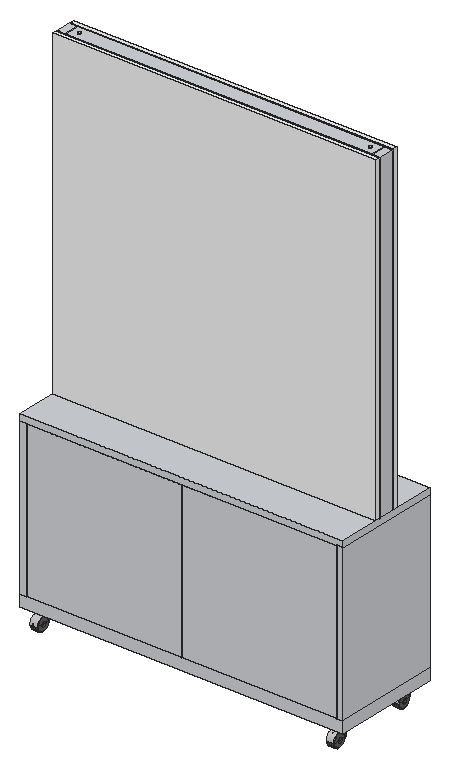
Revit family "ThinkingWall Combi Whiteboard", category Generic Models, Revit 2023
Family settings
  Can host rebar = No
  Round Connector Dimension = Use Diameter
  Part Type = Normal
  Work Plane-Based = No
  Always vertical = Yes
  Cut with Voids When Loaded = No
  Maintain Annotation Orientation = No
  Shared = No
  Room Calculation Point = No
Parameters (values of type "ThinkingWall® Combi Whiteboard 1200")
  URL = "https://www.logovisual.com/product/whiteboards/thinkingwall/acoustics/thinkingwall-mobile-acoustic-cupboard-combi/"
  ThinkingWall Combi Whiteboard 1500 = no
  ThinkingWall Combi Whiteboard 1200 = yes
  Steel Colour = none
  Model = "ThinkingWall® Combi Whiteboard"
  Manufacturer = "Logovisual LTD"
  Description = "Mobile freestanding storage unit with whiteboards above. Part of the ThinkingWall® range for flexible breakout and meeting spaces."
  Cupboard Colour = none
  Default Elevation = 0 mm
  Acoustic Colour = none
Types (3, lengths in mm): name | ThinkingWall Combi Whiteboard 1500 | ThinkingWall Combi Whiteboard 1200
  (no name) | no | yes
  ThinkingWall® Combi Whiteboard 1200 | no | yes
  ThinkingWall® Combi Whiteboard 1500 | yes | no
Reference planes
  plane 1 "Center (Front/Back)": y = 0
  plane 2: z = 0
  plane 3 "Center (Left/Right)": x = 0
Dimensions and locks
  aligned and locked: level to plane 2
  aligned and locked: plane 3 "Center (Left/Right)" to nested 1
  aligned and locked: plane 1 "Center (Front/Back)" to nested 1
  aligned and locked: plane 3 "Center (Left/Right)" to nested 2
  aligned and locked: plane 1 "Center (Front/Back)" to nested 2
Nested families
  nested 1: "ThinkingWall Combi Whiteboard 1500" at (0, 0, 0), visible <- "ThinkingWall Combi Whiteboard 1500", type "ThinkingWall Combi Whiteboard 1500"
  nested 2: "ThinkingWall Combi Whiteboard 1200" at (0, 0, 0), visible <- "ThinkingWall Combi Whiteboard 1200", type "ThinkingWall Combi Whiteboard 1200"
Definition of nested family "ThinkingWall Combi Whiteboard 1500"
  Parameters (values of type "ThinkingWall Combi Whiteboard 1500")
    Steel Colour = none
    Plinth Colour = none
    No of Panels = Length / 40 mm  # 38
    Length = 1500 mm  # constant formula
    Cupboard Colour = none
    Default Elevation = 0 mm
    Acoustic Colour = none
  Reference planes
    plane 1 "Center (Front/Back)": y = 0
    plane 2: z = 0
    plane 3 "Center (Left/Right)": x = 0
    plane 4: y = 200
    plane 5: x = 1500
    plane 6: y = -200
    plane 7: x = 750
    plane 8: z = 71.5
    plane 9 "a": z = 114.5
    plane 10: x = 30
    plane 11: x = 1470
    plane 12: z = 1914.5
    plane 13: y = 30
    plane 14: y = -30
    plane 15: x = 24
    plane 16: x = 1476
    plane 17: z = 690.5
    plane 18: z = 714.5
    plane 19: x = 745
    plane 20: x = 755
    plane 21: y = -182
    plane 22: y = 182
    plane 23: y = -31.5
    plane 24: y = 31.5
    plane 25: y = -49
    plane 26: y = 49
    plane 27: x = 500
    plane 28: x = 1000
  Forms (mm)
    Extrusion 1, solid, material <- "Plinth Colour"
      sketch origin (-511.407, -1524, 71.5) x (-1, 0, 0) y (0, -1, 0)
        loop
          line (-511.407, -1724) -> (-511.407, -1324) -> (-2011.407, -1324) -> (-2011.407, -1724) -> (-511.407, -1724)
      from 0 to 43
    Extrusion 2, solid, material <- "Steel Colour"
      sketch origin (-511.407, -1524, 114.5) x (-1, 0, 0) y (0, -1, 0)
        loop
          line (-511.407, -1554) -> (-511.407, -1494) -> (-541.407, -1494) -> (-541.407, -1554) -> (-511.407, -1554)
        loop
          line (-1981.407, -1554) -> (-1981.407, -1494) -> (-2011.407, -1494) -> (-2011.407, -1554) -> (-1981.407, -1554)
      from 600 to 1800
    Extrusion 3, solid, material <- "Cupboard Colour"
      sketch origin (-511.407, -1524, 114.5) x (-1, 0, 0) y (0, -1, 0)
        loop
          line (-511.407, -1724) -> (-511.407, -1324) -> (-535.407, -1324) -> (-535.407, -1724) -> (-511.407, -1724)
        loop
          line (-2011.407, -1724) -> (-1987.407, -1724) -> (-1987.407, -1324) -> (-2011.407, -1324) -> (-2011.407, -1724)
      from 0 to 576
    Extrusion 4, solid, material <- "Cupboard Colour"
      sketch origin (0, 0, 0) x (1, 0, 0) y (0, 0, 1)
        loop
          line (0, 714.5) -> (0, 690.5) -> (1500, 690.5) -> (1500, 714.5) -> (0, 714.5)
      from -200 to 200
    Extrusion 5, solid, material <- "Cupboard Colour"
      sketch origin (0, 0, 0) x (1, 0, 0) y (0, 0, 1)
        loop
          line (745, 690.5) -> (745, 114.5) -> (755, 114.5) -> (755, 690.5) -> (745, 690.5)
      from -182 to 182
    Sweep 6, solid, material <- "Cupboard Colour"
      path origin (0, 0, 0) x (1, 0, 0) y (0, 0, 1)
        loop
          line (24, 690.5) -> (24, 114.5) -> (1476, 114.5) -> (1476, 690.5) -> (24, 690.5)
      profile origin (24, 0, 402.5) x (0, -1, 0) y (1, 0, 0)
        loop
          line (-182, 0) -> (182, 0) -> (182, 12) -> (-182, 12) -> (-182, 0)
    Extrusion 7, solid, material <- "Cupboard Colour"
      sketch origin (-511.407, -1524, 114.5) x (-1, 0, 0) y (0, -1, 0)
        loop
          line (-535.407, -1342) -> (-535.407, -1324) -> (-1011.407, -1324) -> (-1011.407, -1342) -> (-535.407, -1342)
      from 0 to 576
    Extrusion 8, solid, material <- "Cupboard Colour"
      sketch origin (1711.407, -1524, 114.5) x (1, 0, 0) y (0, 1, 0)
        loop
          line (-235.407, 1342) -> (-711.407, 1342) -> (-711.407, 1324) -> (-235.407, 1324) -> (-235.407, 1342)
      from 0 to 576
    Extrusion 9, solid
      sketch origin (-537.43, -1524, 714.5) x (-1, 0, 0) y (0, -1, 0)
        loop
          line (-537.43, -1555.5) -> (-537.43, -1554) -> (-2037.43, -1554) -> (-2037.43, -1555.5) -> (-537.43, -1555.5)
        loop
          line (-537.43, -1494) -> (-537.43, -1492.5) -> (-2037.43, -1492.5) -> (-2037.43, -1494) -> (-537.43, -1494)
      from 0 to 1200
    Extrusion 10, solid, material <- "Steel Colour"
      sketch origin (-908.752, -1524, 1914.5) x (-1, 0, 0) y (0, -1, 0)
        loop
          line (-938.752, -1554) -> (-938.752, -1494) -> (-2378.752, -1494) -> (-2378.752, -1554) -> (-938.752, -1554)
      from -18 to 0
    Extrusion 11, solid
      sketch origin (-908.752, -1524, 1914.5) x (-1, 0, 0) y (0, -1, 0)
        loop
          circle (-968.752, -1524) r 5
        loop
          circle (-2348.752, -1524) r 5
      from 0 to 1
    Extrusion 12, solid
      sketch origin (-537.43, -1524, 714.5) x (-1, 0, 0) y (0, -1, 0)
        loop
          line (-537.43, -1573) -> (-537.43, -1555.5) -> (-2037.43, -1555.5) -> (-2037.43, -1573) -> (-537.43, -1573)
        loop
          line (-537.43, -1492.5) -> (-537.43, -1475) -> (-2037.43, -1475) -> (-2037.43, -1492.5) -> (-537.43, -1492.5)
      from 0 to 1200
    Extrusion 13, solid
      sketch origin (-511.407, -1524, 114.5) x (-1, 0, 0) y (0, -1, 0)
        loop
          line (-1011.407, -1342) -> (-1011.407, -1324) -> (-1511.407, -1324) -> (-1511.407, -1342) -> (-1011.407, -1342)
      from 0 to 576
  Dimensions and locks
    equal spacing: plane 4, plane 1 "Center (Front/Back)", plane 6
    plane 4 to plane 6 = 400 mm
    "Length": plane 3 "Center (Left/Right)" to plane 5
    locked: plane 3 "Center (Left/Right)" to nested 1 at 50
    locked: plane 4 to nested 1 at 50
    equal spacing: plane 3 "Center (Left/Right)", plane 7, plane 5
    locked: plane 4 to nested 2 at 50
    locked: nested 2 to plane 5 at 50
    locked: nested 4 to plane 5 at 50
    locked: plane 3 "Center (Left/Right)" to nested 3 at 50
    locked: plane 6 to nested 3 at 50
    locked: plane 6 to nested 4 at 50
    locked: plane 8 to level at 71.5
    plane 9 "a" to plane 8 = 43 mm
    locked: plane 3 "Center (Left/Right)" to plane 10 at 30
    locked: plane 11 to plane 5 at 30
    plane 12 to level = 1914.5 mm
    equal spacing: plane 13, plane 1 "Center (Front/Back)", plane 14
    locked: plane 13 to plane 14 at 60
    locked: plane 3 "Center (Left/Right)" to plane 15 at 24
    locked: plane 16 to plane 5 at 24
    locked: plane 17 to plane 9 "a" at 576
    locked: plane 18 to plane 17 at 24
    plane 4 to plane 22 = 18 mm
    locked: plane 6 to plane 21 at 18
    locked: plane 24 to plane 13 at 1.5
    locked: plane 23 to plane 14 at 1.5
    locked: plane 25 to plane 23 at 17.5
    locked: plane 26 to plane 24 at 17.5
    equal spacing: plane 19, plane 7, plane 20
    locked: plane 19 to plane 20 at 10
    equal spacing: group 2, group 38, group 37, group 36, group 35, group 34, group 33, group 32, group 31, group 30, group 29, group 28, group 27, group 26, group 25, group 24, group 23, group 22, group 21, group 20, group 19, group 18, group 17, group 16, group 15, group 14, group 13, group 12, group 11, group 10, group 9, group 8, group 7, group 6, group 5, group 4, group 3, group 1
    equal spacing: group 1, group 3, group 4, group 5, group 6, group 7, group 8, group 9, group 10, group 11, group 12, group 13, group 14, group 15, group 16, group 17, group 18, group 19, group 20, group 21, group 22, group 23, group 24, group 25, group 26, group 27, group 28, group 29, group 30, group 31, group 32, group 33, group 34, group 35, group 36, group 37, group 38, group 2  (x2)
    locked: plane 12 to plane 18 at 1200
    equal spacing: plane 3 "Center (Left/Right)", plane 27, plane 28, plane 5
    aligned and locked: level to plane 2
    aligned and locked: Extrusion 1 sketch curve to plane 4
    aligned and locked: plane 3 "Center (Left/Right)" to Extrusion 1 sketch curve
    aligned and locked: Extrusion 1 sketch curve to plane 6
    aligned and locked: Extrusion 1 sketch curve to plane 5
    aligned and locked: Extrusion 1 to plane 8
    aligned and locked: Extrusion 1 to plane 9 "a"
    aligned and locked: Extrusion 2 sketch curve to plane 13
    aligned and locked: plane 3 "Center (Left/Right)" to Extrusion 2 sketch curve
    aligned and locked: Extrusion 2 sketch curve to plane 14  (x2)
    aligned and locked: Extrusion 2 sketch curve to plane 10
    aligned and locked: plane 13 to Extrusion 2 sketch curve
    aligned and locked: Extrusion 2 sketch curve to plane 11
    aligned and locked: Extrusion 2 sketch curve to plane 5
    aligned and locked: plane 12 to Extrusion 2
    aligned and locked: Extrusion 3 sketch curve to Extrusion 1  (x2)
    aligned and locked: Extrusion 3 sketch curve to Extrusion 2  (x2)
    aligned and locked: Extrusion 3 sketch curve to plane 6
    aligned and locked: Extrusion 3 sketch curve to plane 15
    aligned and locked: plane 6 to Extrusion 3 sketch curve
    aligned and locked: plane 16 to Extrusion 3 sketch curve
    aligned and locked: plane 17 to Extrusion 3
    aligned and locked: Extrusion 3 to plane 9 "a"
    aligned and locked: Extrusion 4 sketch curve to plane 18
    aligned and locked: plane 3 "Center (Left/Right)" to Extrusion 4 sketch curve
    aligned and locked: Extrusion 4 sketch curve to Extrusion 3
    aligned and locked: plane 6 to Extrusion 4
    aligned and locked: plane 4 to Extrusion 4
    aligned and locked: Extrusion 5 sketch curve to plane 17
    aligned and locked: plane 19 to Extrusion 5 sketch curve
    aligned and locked: plane 9 "a" to Extrusion 5 sketch curve
    aligned and locked: plane 20 to Extrusion 5 sketch curve
    aligned and locked: Sweep 6 sketch curve to plane 17
    aligned and locked: Sweep 6 sketch curve to plane 9 "a"
    aligned and locked: Sweep 6 sketch curve to plane 15
    aligned and locked: plane 16 to Sweep 6 sketch curve
    aligned and locked: Sweep 6 sketch curve to plane 22
    aligned and locked: Sweep 6 sketch curve to plane 21
    aligned and locked: plane 22 to Extrusion 5
    aligned and locked: plane 21 to Extrusion 5
    aligned and locked: plane 21 to Extrusion 7 sketch curve
    aligned and locked: plane 15 to Extrusion 7 sketch curve
    aligned and locked: Extrusion 7 sketch curve to Extrusion 1
    aligned and locked: Extrusion 8 sketch curve to plane 21
    aligned and locked: plane 6 to Extrusion 8 sketch curve
    aligned and locked: Extrusion 8 sketch curve to plane 16
    aligned and locked: Extrusion 8 to plane 9 "a"
    aligned and locked: plane 17 to Extrusion 8
    aligned and locked: plane 3 "Center (Left/Right)" to Extrusion 9 sketch curve
    aligned and locked: Extrusion 9 sketch curve to Extrusion 2  (x2)
    aligned and locked: Extrusion 9 sketch curve to Extrusion 3
    aligned and locked: Extrusion 9 sketch curve to plane 5
    aligned and locked: Extrusion 9 sketch curve to plane 23
    aligned and locked: Extrusion 9 sketch curve to plane 24
    aligned and locked: Extrusion 9 to plane 18
    aligned and locked: plane 12 to Extrusion 9
    aligned and locked: Extrusion 10 sketch curve to Extrusion 2  (x4)
    aligned and locked: plane 12 to Extrusion 10
    aligned and locked: Extrusion 11 to plane 12
    aligned and locked: Extrusion 12 sketch curve to plane 26
    aligned and locked: plane 3 "Center (Left/Right)" to Extrusion 12 sketch curve
    aligned and locked: Extrusion 12 sketch curve to Extrusion 9  (x3)
    aligned and locked: Extrusion 12 sketch curve to Extrusion 3
    aligned and locked: Extrusion 12 sketch curve to plane 25
    aligned and locked: Extrusion 12 sketch curve to plane 5
    aligned and locked: plane 12 to Extrusion 12
    aligned and locked: plane 22 to nested 5
    aligned and locked: plane 16 to nested 5
    aligned and locked: plane 9 "a" to nested 5
    aligned and locked: plane 15 to nested 6
    aligned and locked: plane 22 to nested 6
    aligned and locked: Extrusion 2 to plane 18
    aligned and locked: Extrusion 8 sketch curve to plane 28
    aligned and locked: Extrusion 7 sketch curve to plane 27
    aligned and locked: Extrusion 13 sketch curve to Extrusion 7  (x2)
    aligned and locked: Extrusion 13 sketch curve to Extrusion 8  (x2)
    aligned and locked: plane 17 to Extrusion 13
    aligned and locked: Extrusion 13 to plane 9 "a"
  Automatic sketch dimensions
    Sweep 6 sketch curve to profile plane = 0 mm
    Sweep 6 sketch curve to profile plane = 12 mm
    Extrusion 11 sketch curve to Extrusion 10 = 30 mm  (x4)
    Extrusion 4 sketch curve to plane 5 = 0 mm
    Extrusion 9 sketch curve to plane 5 = 0 mm
    radius of Extrusion 11 sketch curve = 5 mm  (x2)
  Nested families
    nested 1: "50mm_Caster_Wheel 2" at (50, 150, 0) x (0, 1, 0) z (0, 0, 1), type "50mm_Caster_Wheel 2"
    nested 2: "50mm_Caster_Wheel 2" at (1450, 150, 0) x (0, 1, 0) z (0, 0, 1), type "50mm_Caster_Wheel 2"
    nested 3: "50mm_Caster_Wheel 2" at (50, -150, 0) x (0, 1, 0) z (0, 0, 1), type "50mm_Caster_Wheel 2"
    nested 4: "50mm_Caster_Wheel 2" at (1450, -150, 0) x (0, 1, 0) z (0, 0, 1), type "50mm_Caster_Wheel 2"
    nested 5: "Panel" at (1476, 182, 114.5) x (-1, 0, 0) z (0, 0, 1), type "Panel"
      with Height 576 mm
    nested 6: "Panel" at (64, 182, 114.5) x (-1, 0, 0) z (0, 0, 1), type "Panel"
      with Height 576 mm
    nested 7: "Panel" at (1437.838, 182, 114.5) x (-1, 0, 0) z (0, 0, 1), type "Panel"
      with Height 576 mm
    nested 8: "Panel" at (1399.676, 182, 114.5) x (-1, 0, 0) z (0, 0, 1), type "Panel"
      with Height 576 mm
    nested 9: "Panel" at (1361.514, 182, 114.5) x (-1, 0, 0) z (0, 0, 1), type "Panel"
      with Height 576 mm
    nested 10: "Panel" at (1323.351, 182, 114.5) x (-1, 0, 0) z (0, 0, 1), type "Panel"
      with Height 576 mm
    nested 11: "Panel" at (1285.189, 182, 114.5) x (-1, 0, 0) z (0, 0, 1), type "Panel"
      with Height 576 mm
    nested 12: "Panel" at (1247.027, 182, 114.5) x (-1, 0, 0) z (0, 0, 1), type "Panel"
      with Height 576 mm
    nested 13: "Panel" at (1208.865, 182, 114.5) x (-1, 0, 0) z (0, 0, 1), type "Panel"
      with Height 576 mm
    nested 14: "Panel" at (1170.703, 182, 114.5) x (-1, 0, 0) z (0, 0, 1), type "Panel"
      with Height 576 mm
    nested 15: "Panel" at (1132.541, 182, 114.5) x (-1, 0, 0) z (0, 0, 1), type "Panel"
      with Height 576 mm
    nested 16: "Panel" at (1094.378, 182, 114.5) x (-1, 0, 0) z (0, 0, 1), type "Panel"
      with Height 576 mm
    nested 17: "Panel" at (1056.216, 182, 114.5) x (-1, 0, 0) z (0, 0, 1), type "Panel"
      with Height 576 mm
    nested 18: "Panel" at (1018.054, 182, 114.5) x (-1, 0, 0) z (0, 0, 1), type "Panel"
      with Height 576 mm
    nested 19: "Panel" at (979.892, 182, 114.5) x (-1, 0, 0) z (0, 0, 1), type "Panel"
      with Height 576 mm
    nested 20: "Panel" at (941.73, 182, 114.5) x (-1, 0, 0) z (0, 0, 1), type "Panel"
      with Height 576 mm
    nested 21: "Panel" at (903.568, 182, 114.5) x (-1, 0, 0) z (0, 0, 1), type "Panel"
      with Height 576 mm
    nested 22: "Panel" at (865.405, 182, 114.5) x (-1, 0, 0) z (0, 0, 1), type "Panel"
      with Height 576 mm
    nested 23: "Panel" at (827.243, 182, 114.5) x (-1, 0, 0) z (0, 0, 1), type "Panel"
      with Height 576 mm
    nested 24: "Panel" at (789.081, 182, 114.5) x (-1, 0, 0) z (0, 0, 1), type "Panel"
      with Height 576 mm
    nested 25: "Panel" at (750.919, 182, 114.5) x (-1, 0, 0) z (0, 0, 1), type "Panel"
      with Height 576 mm
    nested 26: "Panel" at (712.757, 182, 114.5) x (-1, 0, 0) z (0, 0, 1), type "Panel"
      with Height 576 mm
    nested 27: "Panel" at (674.595, 182, 114.5) x (-1, 0, 0) z (0, 0, 1), type "Panel"
      with Height 576 mm
    nested 28: "Panel" at (636.432, 182, 114.5) x (-1, 0, 0) z (0, 0, 1), type "Panel"
      with Height 576 mm
    nested 29: "Panel" at (598.27, 182, 114.5) x (-1, 0, 0) z (0, 0, 1), type "Panel"
      with Height 576 mm
    nested 30: "Panel" at (560.108, 182, 114.5) x (-1, 0, 0) z (0, 0, 1), type "Panel"
      with Height 576 mm
    nested 31: "Panel" at (521.946, 182, 114.5) x (-1, 0, 0) z (0, 0, 1), type "Panel"
      with Height 576 mm
    nested 32: "Panel" at (483.784, 182, 114.5) x (-1, 0, 0) z (0, 0, 1), type "Panel"
      with Height 576 mm
    nested 33: "Panel" at (445.622, 182, 114.5) x (-1, 0, 0) z (0, 0, 1), type "Panel"
      with Height 576 mm
    nested 34: "Panel" at (407.459, 182, 114.5) x (-1, 0, 0) z (0, 0, 1), type "Panel"
      with Height 576 mm
    nested 35: "Panel" at (369.297, 182, 114.5) x (-1, 0, 0) z (0, 0, 1), type "Panel"
      with Height 576 mm
    nested 36: "Panel" at (331.135, 182, 114.5) x (-1, 0, 0) z (0, 0, 1), type "Panel"
      with Height 576 mm
    nested 37: "Panel" at (292.973, 182, 114.5) x (-1, 0, 0) z (0, 0, 1), type "Panel"
      with Height 576 mm
    nested 38: "Panel" at (254.811, 182, 114.5) x (-1, 0, 0) z (0, 0, 1), type "Panel"
      with Height 576 mm
    nested 39: "Panel" at (216.649, 182, 114.5) x (-1, 0, 0) z (0, 0, 1), type "Panel"
      with Height 576 mm
    nested 40: "Panel" at (178.486, 182, 114.5) x (-1, 0, 0) z (0, 0, 1), type "Panel"
      with Height 576 mm
    nested 41: "Panel" at (140.324, 182, 114.5) x (-1, 0, 0) z (0, 0, 1), type "Panel"
      with Height 576 mm
    nested 42: "Panel" at (102.162, 182, 114.5) x (-1, 0, 0) z (0, 0, 1), type "Panel"
      with Height 576 mm
  Definition of nested family "50mm_Caster_Wheel 2"
    Parameters (values of type "50mm_Caster_Wheel 2")
      Default Elevation = 0 mm
    Reference planes
      plane 1 "Center (Front/Back)": y = 0
      plane 2: z = 0
      plane 3 "Center (Left/Right)": x = 0
      plane 4 "VWhlCntr": x = -22
      plane 5 "WhlCntr": z = 25
      plane 6: z = 56.73
      plane 7: z = 55.23
    Forms (mm)
      Revolve 1, solid
        sketch origin (0, 0, 25) x (-1, 0, 0) y (0, -1, 0)
          loop
            line (45.5, 13.5) -> (29.872, 13.5) -> (30.032, 14.411)
            arc (30.032, 14.411) -> (29.873, 15.004) -> (29.317, 15.263) r 0.727
            line (29.317, 15.263) -> (22, 15.263) -> (22, 4.169) -> (47, 4.169) -> (47, 12)
            arc (47, 12) -> (46.561, 13.061) -> (45.5, 13.5) r 1.5
          loop
            arc (45.5, -13.5) -> (46.561, -13.061) -> (47, -12) r 1.5
            line (47, -12) -> (47, -4.169) -> (22, -4.169) -> (22, -15.263) -> (29.317, -15.263)
            arc (29.317, -15.263) -> (29.873, -15.004) -> (30.032, -14.411) r 0.727
            line (30.032, -14.411) -> (29.872, -13.5) -> (45.5, -13.5)
          axis (22, 15.263) -> (22, -15.263)
        angle from 0 to 360
      Revolve 2, solid
        sketch origin (0, 0, 25) x (-1, 0, 0) y (0, -1, 0)
          loop
            line (22, 3.174) -> (33.047, 3.174)
            arc (33.047, 3.174) -> (32.755, 3.878) -> (32.052, 4.169) r 0.995
            line (32.052, 4.169) -> (22, 4.169) -> (22, 3.174)
          loop
            line (22, -3.174) -> (22, -4.169) -> (32.052, -4.169)
            arc (32.052, -4.169) -> (32.755, -3.878) -> (33.047, -3.174) r 0.995
            line (33.047, -3.174) -> (22, -3.174)
          axis (22, 4.169) -> (22, -4.169)
        angle from 0 to 360
      Revolve 3, solid
        sketch origin (0, 0, 0) x (1, 0, 0) y (0, 0, 1)
          loop
            line (0, 60) -> (21.525, 60) -> (21.525, 62.198)
            arc (21.525, 62.198) -> (20.577, 63.345) -> (19.43, 64.292) r 7.866
            arc (19.43, 64.292) -> (16.996, 68.264) -> (12.416, 67.416) r 4.113
            line (12.416, 67.416) -> (10, 65) -> (10, 70) -> (0, 70) -> (0, 60)
          axis (0, 60) -> (0, 70)
        angle from 0 to 360
      Extrusion 4, solid
        sketch origin (0, 0, 0) x (1, 0, 0) y (0, 0, 1)
          loop
            circle (-22, 25) r 2.964
        from -12.5 to 12.5
      Extrusion 5, solid
        sketch origin (0, 0, 70) x (1, 0, 0) y (0, 1, 0)
          loop
            line (-25, 25) -> (-25, -25) -> (25, -25) -> (25, 25) -> (-25, 25)
        from 0 to 1.5
      Extrusion 6, solid
        sketch origin (0, 0, 0) x (1, 0, 0) y (0, 0, 1)
          loop
            line (-49.398, 25.312) -> (-47.348, 25.312)
            arc (-47.348, 25.312) -> (-22.059, 50.601) -> (3.229, 25.313) r 25.288
            line (3.229, 25.313) -> (5.279, 25.313)
            arc (5.279, 25.313) -> (-22.059, 52.651) -> (-49.398, 25.312) r 27.339
        from -13.5 to 13.5
      Extrusion 7, solid
        sketch origin (0, 0, 0) x (1, 0, 0) y (0, 0, 1)
          loop
            arc (-22.059, 52.651) -> (-2.728, 44.644) -> (5.279, 25.312) r 27.339
            line (5.279, 25.312) -> (5.279, 60) -> (-22.059, 60) -> (-22.059, 52.651)
        from -13.5 to 13.5
    Dimensions and locks
      plane 3 "Center (Left/Right)" to plane 4 "VWhlCntr" = 22 mm
      Revolve 3 to level = 70 mm
      Revolve 3 to plane 2 = 70 mm
      diameter of Revolve 1 = 50 mm
      aligned and locked: level to plane 2
  Definition of nested family "Panel"
    Parameters (values of type "Panel")
      Height = 1190.083 mm
      Default Elevation = 0 mm
      Acoustic = none
    Reference planes
      plane 1 "Center (Front/Back)": y = 0
      plane 2: z = 0
      plane 3 "Center (Left/Right)": x = 0
      plane 4: z = 1190.083
      plane 5: x = 40
      plane 6: y = -12
      plane 7: z = 0
      plane 8: x = 8
      plane 9: x = 32
    Forms (mm)
      Extrusion 1, solid, material <- "Acoustic"
        sketch origin (0, 0, 0) x (1, 0, 0) y (0, 1, 0)
          loop
            line (0, 0) -> (8, -12) -> (32, -12) -> (40, 0) -> (0, 0)
        from 0 to 1190.083
    Dimensions and locks
      plane 3 "Center (Left/Right)" to plane 5 = 40 mm
      plane 6 to plane 1 "Center (Front/Back)" = 12 mm  (x2)
      "Height": plane 4 to plane 2
      plane 7 to level = 0 mm
      plane 5 to plane 3 "Center (Left/Right)" = 40 mm
      plane 3 "Center (Left/Right)" to plane 8 = 8 mm
      plane 9 to plane 5 = 8 mm
      aligned and locked: level to plane 2
      aligned and locked: plane 1 "Center (Front/Back)" to Extrusion 1 sketch curve
      aligned and locked: plane 6 to Extrusion 1 sketch curve
      aligned and locked: Extrusion 1 to plane 7
      aligned and locked: plane 4 to Extrusion 1
    Automatic sketch dimensions
      Extrusion 1 sketch curve to plane 3 "Center (Left/Right)" = 0 mm
      Extrusion 1 sketch curve to plane 8 = 0 mm
      Extrusion 1 sketch curve to plane 9 = 0 mm
      Extrusion 1 sketch curve to plane 5 = 0 mm
Definition of nested family "ThinkingWall Combi Whiteboard 1200"
  Parameters (values of type "ThinkingWall Combi Whiteboard 1200")
    Steel Colour = none
    Plinth Colour = none
    No of Panels = Length / 40 mm  # 30
    Length = 1200 mm  # constant formula
    Cupboard Colour = none
    Default Elevation = 0 mm
    Acoustic Colour = none
  Reference planes
    plane 1 "Center (Front/Back)": y = 0
    plane 2: z = 0
    plane 3 "Center (Left/Right)": x = 0
    plane 4: y = 200
    plane 5: x = 1200
    plane 6: y = -200
    plane 7: x = 600
    plane 8: z = 71.5
    plane 9 "a": z = 114.5
    plane 10: x = 30
    plane 11: x = 1170
    plane 12: z = 1914.5
    plane 13: y = 30
    plane 14: y = -30
    plane 15: x = 24
    plane 16: x = 1176
    plane 17: z = 690.5
    plane 18: z = 714.5
    plane 19: x = 595
    plane 20: x = 605
    plane 21: y = -182
    plane 22: y = 182
    plane 23: y = -31.5
    plane 24: y = 31.5
    plane 25: y = -49
    plane 26: y = 49
  Forms (mm)
    Extrusion 1, solid, material <- "Plinth Colour"
      sketch origin (-511.407, -1524, 71.5) x (-1, 0, 0) y (0, -1, 0)
        loop
          line (-511.407, -1724) -> (-511.407, -1324) -> (-1711.407, -1324) -> (-1711.407, -1724) -> (-511.407, -1724)
      from 0 to 43
    Extrusion 2, solid, material <- "Steel Colour"
      sketch origin (-511.407, -1524, 114.5) x (-1, 0, 0) y (0, -1, 0)
        loop
          line (-511.407, -1554) -> (-511.407, -1494) -> (-541.407, -1494) -> (-541.407, -1554) -> (-511.407, -1554)
        loop
          line (-1681.407, -1554) -> (-1681.407, -1494) -> (-1711.407, -1494) -> (-1711.407, -1554) -> (-1681.407, -1554)
      from 600 to 1800
    Extrusion 3, solid, material <- "Cupboard Colour"
      sketch origin (-511.407, -1524, 114.5) x (-1, 0, 0) y (0, -1, 0)
        loop
          line (-511.407, -1724) -> (-511.407, -1324) -> (-535.407, -1324) -> (-535.407, -1724) -> (-511.407, -1724)
        loop
          line (-1711.407, -1724) -> (-1687.407, -1724) -> (-1687.407, -1324) -> (-1711.407, -1324) -> (-1711.407, -1724)
      from 0 to 576
    Extrusion 4, solid, material <- "Cupboard Colour"
      sketch origin (0, 0, 0) x (1, 0, 0) y (0, 0, 1)
        loop
          line (0, 714.5) -> (0, 690.5) -> (1200, 690.5) -> (1200, 714.5) -> (0, 714.5)
      from -200 to 200
    Extrusion 5, solid, material <- "Cupboard Colour"
      sketch origin (0, 0, 0) x (1, 0, 0) y (0, 0, 1)
        loop
          line (595, 690.5) -> (595, 114.5) -> (605, 114.5) -> (605, 690.5) -> (595, 690.5)
      from -182 to 182
    Sweep 6, solid, material <- "Cupboard Colour"
      path origin (0, 0, 0) x (1, 0, 0) y (0, 0, 1)
        loop
          line (24, 690.5) -> (24, 114.5) -> (1176, 114.5) -> (1176, 690.5) -> (24, 690.5)
      profile origin (24, 0, 402.5) x (0, -1, 0) y (1, 0, 0)
        loop
          line (-182, 0) -> (182, 0) -> (182, 12) -> (-182, 12) -> (-182, 0)
    Extrusion 7, solid, material <- "Cupboard Colour"
      sketch origin (-511.407, -1524, 114.5) x (-1, 0, 0) y (0, -1, 0)
        loop
          line (-535.407, -1342) -> (-535.407, -1324) -> (-1111.407, -1324) -> (-1111.407, -1342) -> (-535.407, -1342)
      from 0 to 576
    Extrusion 8, solid, material <- "Cupboard Colour"
      sketch origin (1711.407, -1524, 114.5) x (1, 0, 0) y (0, 1, 0)
        loop
          line (-535.407, 1342) -> (-1111.407, 1342) -> (-1111.407, 1324) -> (-535.407, 1324) -> (-535.407, 1342)
      from 0 to 576
    Extrusion 9, solid
      sketch origin (-537.43, -1524, 714.5) x (-1, 0, 0) y (0, -1, 0)
        loop
          line (-537.43, -1555.5) -> (-537.43, -1554) -> (-1737.43, -1554) -> (-1737.43, -1555.5) -> (-537.43, -1555.5)
        loop
          line (-537.43, -1494) -> (-537.43, -1492.5) -> (-1737.43, -1492.5) -> (-1737.43, -1494) -> (-537.43, -1494)
      from 0 to 1200
    Extrusion 10, solid, material <- "Steel Colour"
      sketch origin (-908.752, -1524, 1914.5) x (-1, 0, 0) y (0, -1, 0)
        loop
          line (-938.752, -1554) -> (-938.752, -1494) -> (-2078.752, -1494) -> (-2078.752, -1554) -> (-938.752, -1554)
      from -18 to 0
    Extrusion 11, solid
      sketch origin (-908.752, -1524, 1914.5) x (-1, 0, 0) y (0, -1, 0)
        loop
          circle (-968.752, -1524) r 5
        loop
          circle (-2048.752, -1524) r 5
      from 0 to 1
    Extrusion 12, solid
      sketch origin (-537.43, -1524, 714.5) x (-1, 0, 0) y (0, -1, 0)
        loop
          line (-537.43, -1573) -> (-537.43, -1555.5) -> (-1737.43, -1555.5) -> (-1737.43, -1573) -> (-537.43, -1573)
        loop
          line (-537.43, -1492.5) -> (-537.43, -1475) -> (-1737.43, -1475) -> (-1737.43, -1492.5) -> (-537.43, -1492.5)
      from 0 to 1200
  Dimensions and locks
    equal spacing: plane 4, plane 1 "Center (Front/Back)", plane 6
    plane 4 to plane 6 = 400 mm
    "Length": plane 3 "Center (Left/Right)" to plane 5
    locked: plane 3 "Center (Left/Right)" to nested 1 at 50
    locked: plane 4 to nested 1 at 50
    equal spacing: plane 3 "Center (Left/Right)", plane 7, plane 5
    locked: plane 4 to nested 2 at 50
    locked: nested 2 to plane 5 at 50
    locked: nested 4 to plane 5 at 50
    locked: plane 3 "Center (Left/Right)" to nested 3 at 50
    locked: plane 6 to nested 3 at 50
    locked: plane 6 to nested 4 at 50
    locked: plane 8 to level at 71.5
    plane 9 "a" to plane 8 = 43 mm
    locked: plane 3 "Center (Left/Right)" to plane 10 at 30
    locked: plane 11 to plane 5 at 30
    plane 12 to level = 1914.5 mm
    equal spacing: plane 13, plane 1 "Center (Front/Back)", plane 14
    locked: plane 13 to plane 14 at 60
    locked: plane 3 "Center (Left/Right)" to plane 15 at 24
    locked: plane 16 to plane 5 at 24
    locked: plane 17 to plane 9 "a" at 576
    locked: plane 18 to plane 17 at 24
    plane 4 to plane 22 = 18 mm
    locked: plane 6 to plane 21 at 18
    locked: plane 24 to plane 13 at 1.5
    locked: plane 23 to plane 14 at 1.5
    locked: plane 25 to plane 23 at 17.5
    locked: plane 26 to plane 24 at 17.5
    equal spacing: plane 19, plane 7, plane 20
    locked: plane 19 to plane 20 at 10
    equal spacing: group 2, group 30, group 29, group 28, group 27, group 26, group 25, group 24, group 23, group 22, group 21, group 20, group 19, group 18, group 17, group 16, group 15, group 14, group 13, group 12, group 11, group 10, group 9, group 8, group 7, group 6, group 5, group 4, group 3, group 1
    equal spacing: group 1, group 3, group 4, group 5, group 6, group 7, group 8, group 9, group 10, group 11, group 12, group 13, group 14, group 15, group 16, group 17, group 18, group 19, group 20, group 21, group 22, group 23, group 24, group 25, group 26, group 27, group 28, group 29, group 30, group 2  (x2)
    locked: plane 12 to plane 18 at 1200
    aligned and locked: level to plane 2
    aligned and locked: Extrusion 1 sketch curve to plane 4
    aligned and locked: plane 3 "Center (Left/Right)" to Extrusion 1 sketch curve
    aligned and locked: Extrusion 1 sketch curve to plane 6
    aligned and locked: Extrusion 1 sketch curve to plane 5
    aligned and locked: Extrusion 1 to plane 8
    aligned and locked: Extrusion 1 to plane 9 "a"
    aligned and locked: Extrusion 2 sketch curve to plane 13  (x2)
    aligned and locked: plane 3 "Center (Left/Right)" to Extrusion 2 sketch curve
    aligned and locked: Extrusion 2 sketch curve to plane 14  (x2)
    aligned and locked: Extrusion 2 sketch curve to plane 10
    aligned and locked: Extrusion 2 sketch curve to plane 11
    aligned and locked: Extrusion 2 sketch curve to plane 5
    aligned and locked: plane 12 to Extrusion 2
    aligned and locked: Extrusion 3 sketch curve to Extrusion 1  (x2)
    aligned and locked: Extrusion 3 sketch curve to Extrusion 2  (x2)
    aligned and locked: Extrusion 3 sketch curve to plane 6
    aligned and locked: Extrusion 3 sketch curve to plane 15
    aligned and locked: plane 6 to Extrusion 3 sketch curve
    aligned and locked: plane 16 to Extrusion 3 sketch curve
    aligned and locked: plane 17 to Extrusion 3
    aligned and locked: Extrusion 3 to plane 9 "a"
    aligned and locked: Extrusion 4 sketch curve to plane 18
    aligned and locked: plane 3 "Center (Left/Right)" to Extrusion 4 sketch curve
    aligned and locked: Extrusion 4 sketch curve to Extrusion 3
    aligned and locked: plane 6 to Extrusion 4
    aligned and locked: plane 4 to Extrusion 4
    aligned and locked: Extrusion 5 sketch curve to plane 17
    aligned and locked: plane 19 to Extrusion 5 sketch curve
    aligned and locked: plane 9 "a" to Extrusion 5 sketch curve
    aligned and locked: plane 20 to Extrusion 5 sketch curve
    aligned and locked: Sweep 6 sketch curve to plane 17
    aligned and locked: Sweep 6 sketch curve to plane 9 "a"
    aligned and locked: Sweep 6 sketch curve to plane 15
    aligned and locked: plane 16 to Sweep 6 sketch curve
    aligned and locked: Sweep 6 sketch curve to plane 22
    aligned and locked: Sweep 6 sketch curve to plane 21
    aligned and locked: plane 22 to Extrusion 5
    aligned and locked: plane 21 to Extrusion 5
    aligned and locked: plane 21 to Extrusion 7 sketch curve
    aligned and locked: plane 15 to Extrusion 7 sketch curve
    aligned and locked: Extrusion 7 sketch curve to Extrusion 1
    aligned and locked: Extrusion 7 sketch curve to plane 7
    aligned and locked: plane 17 to Extrusion 7
    aligned and locked: Extrusion 7 to plane 9 "a"
    aligned and locked: Extrusion 8 sketch curve to plane 21
    aligned and locked: Extrusion 8 sketch curve to plane 7
    aligned and locked: plane 6 to Extrusion 8 sketch curve
    aligned and locked: Extrusion 8 sketch curve to plane 16
    aligned and locked: Extrusion 8 to plane 9 "a"
    aligned and locked: plane 17 to Extrusion 8
    aligned and locked: plane 3 "Center (Left/Right)" to Extrusion 9 sketch curve
    aligned and locked: Extrusion 9 sketch curve to Extrusion 2  (x2)
    aligned and locked: Extrusion 9 sketch curve to Extrusion 3
    aligned and locked: Extrusion 9 sketch curve to plane 5
    aligned and locked: Extrusion 9 sketch curve to plane 23
    aligned and locked: Extrusion 9 sketch curve to plane 24
    aligned and locked: Extrusion 9 to plane 18
    aligned and locked: plane 12 to Extrusion 9
    aligned and locked: Extrusion 10 sketch curve to Extrusion 2  (x4)
    aligned and locked: plane 12 to Extrusion 10
    aligned and locked: Extrusion 11 to plane 12
    aligned and locked: Extrusion 12 sketch curve to plane 26
    aligned and locked: plane 3 "Center (Left/Right)" to Extrusion 12 sketch curve
    aligned and locked: Extrusion 12 sketch curve to Extrusion 9  (x3)
    aligned and locked: Extrusion 12 sketch curve to Extrusion 3
    aligned and locked: Extrusion 12 sketch curve to plane 25
    aligned and locked: Extrusion 12 sketch curve to plane 5
    aligned and locked: plane 12 to Extrusion 12
    aligned and locked: plane 22 to nested 5
    aligned and locked: plane 16 to nested 5
    aligned and locked: plane 9 "a" to nested 5
    aligned and locked: plane 15 to nested 6
    aligned and locked: plane 22 to nested 6
    aligned and locked: Extrusion 2 to plane 18
  Automatic sketch dimensions
    Sweep 6 sketch curve to profile plane = 0 mm
    Sweep 6 sketch curve to profile plane = 12 mm
    Extrusion 11 sketch curve to Extrusion 10 = 30 mm  (x4)
    Extrusion 4 sketch curve to plane 5 = 0 mm
    Extrusion 9 sketch curve to plane 5 = 0 mm
    radius of Extrusion 11 sketch curve = 5 mm  (x2)
  Nested families
    nested 1: "50mm_Caster_Wheel 2" at (50, 150, 0) x (0, 1, 0) z (0, 0, 1), type "50mm_Caster_Wheel 2"
    nested 2: "50mm_Caster_Wheel 2" at (1150, 150, 0) x (0, 1, 0) z (0, 0, 1), type "50mm_Caster_Wheel 2"
    nested 3: "50mm_Caster_Wheel 2" at (50, -150, 0) x (0, 1, 0) z (0, 0, 1), type "50mm_Caster_Wheel 2"
    nested 4: "50mm_Caster_Wheel 2" at (1150, -150, 0) x (0, 1, 0) z (0, 0, 1), type "50mm_Caster_Wheel 2"
    nested 5: "Panel" at (1176, 182, 114.5) x (-1, 0, 0) z (0, 0, 1), type "Panel"
      with Height 576 mm
    nested 6: "Panel" at (64, 182, 114.5) x (-1, 0, 0) z (0, 0, 1), type "Panel"
      with Height 576 mm
    nested 7: "Panel" at (1137.655, 182, 114.5) x (-1, 0, 0) z (0, 0, 1), type "Panel"
      with Height 576 mm
    nested 8: "Panel" at (1099.31, 182, 114.5) x (-1, 0, 0) z (0, 0, 1), type "Panel"
      with Height 576 mm
    nested 9: "Panel" at (1060.966, 182, 114.5) x (-1, 0, 0) z (0, 0, 1), type "Panel"
      with Height 576 mm
    nested 10: "Panel" at (1022.621, 182, 114.5) x (-1, 0, 0) z (0, 0, 1), type "Panel"
      with Height 576 mm
    nested 11: "Panel" at (984.276, 182, 114.5) x (-1, 0, 0) z (0, 0, 1), type "Panel"
      with Height 576 mm
    nested 12: "Panel" at (945.931, 182, 114.5) x (-1, 0, 0) z (0, 0, 1), type "Panel"
      with Height 576 mm
    nested 13: "Panel" at (907.586, 182, 114.5) x (-1, 0, 0) z (0, 0, 1), type "Panel"
      with Height 576 mm
    nested 14: "Panel" at (869.241, 182, 114.5) x (-1, 0, 0) z (0, 0, 1), type "Panel"
      with Height 576 mm
    nested 15: "Panel" at (830.897, 182, 114.5) x (-1, 0, 0) z (0, 0, 1), type "Panel"
      with Height 576 mm
    nested 16: "Panel" at (792.552, 182, 114.5) x (-1, 0, 0) z (0, 0, 1), type "Panel"
      with Height 576 mm
    nested 17: "Panel" at (754.207, 182, 114.5) x (-1, 0, 0) z (0, 0, 1), type "Panel"
      with Height 576 mm
    nested 18: "Panel" at (715.862, 182, 114.5) x (-1, 0, 0) z (0, 0, 1), type "Panel"
      with Height 576 mm
    nested 19: "Panel" at (677.517, 182, 114.5) x (-1, 0, 0) z (0, 0, 1), type "Panel"
      with Height 576 mm
    nested 20: "Panel" at (639.172, 182, 114.5) x (-1, 0, 0) z (0, 0, 1), type "Panel"
      with Height 576 mm
    nested 21: "Panel" at (600.828, 182, 114.5) x (-1, 0, 0) z (0, 0, 1), type "Panel"
      with Height 576 mm
    nested 22: "Panel" at (562.483, 182, 114.5) x (-1, 0, 0) z (0, 0, 1), type "Panel"
      with Height 576 mm
    nested 23: "Panel" at (524.138, 182, 114.5) x (-1, 0, 0) z (0, 0, 1), type "Panel"
      with Height 576 mm
    nested 24: "Panel" at (485.793, 182, 114.5) x (-1, 0, 0) z (0, 0, 1), type "Panel"
      with Height 576 mm
    nested 25: "Panel" at (447.448, 182, 114.5) x (-1, 0, 0) z (0, 0, 1), type "Panel"
      with Height 576 mm
    nested 26: "Panel" at (409.103, 182, 114.5) x (-1, 0, 0) z (0, 0, 1), type "Panel"
      with Height 576 mm
    nested 27: "Panel" at (370.759, 182, 114.5) x (-1, 0, 0) z (0, 0, 1), type "Panel"
      with Height 576 mm
    nested 28: "Panel" at (332.414, 182, 114.5) x (-1, 0, 0) z (0, 0, 1), type "Panel"
      with Height 576 mm
    nested 29: "Panel" at (294.069, 182, 114.5) x (-1, 0, 0) z (0, 0, 1), type "Panel"
      with Height 576 mm
    nested 30: "Panel" at (255.724, 182, 114.5) x (-1, 0, 0) z (0, 0, 1), type "Panel"
      with Height 576 mm
    nested 31: "Panel" at (217.379, 182, 114.5) x (-1, 0, 0) z (0, 0, 1), type "Panel"
      with Height 576 mm
    nested 32: "Panel" at (179.034, 182, 114.5) x (-1, 0, 0) z (0, 0, 1), type "Panel"
      with Height 576 mm
    nested 33: "Panel" at (140.69, 182, 114.5) x (-1, 0, 0) z (0, 0, 1), type "Panel"
      with Height 576 mm
    nested 34: "Panel" at (102.345, 182, 114.5) x (-1, 0, 0) z (0, 0, 1), type "Panel"
      with Height 576 mm
  Definition of nested family "50mm_Caster_Wheel 2"
    Parameters (values of type "50mm_Caster_Wheel 2")
      Default Elevation = 0 mm
    Reference planes
      plane 1 "Center (Front/Back)": y = 0
      plane 2: z = 0
      plane 3 "Center (Left/Right)": x = 0
      plane 4 "VWhlCntr": x = -22
      plane 5 "WhlCntr": z = 25
      plane 6: z = 56.73
      plane 7: z = 55.23
    Forms (mm)
      Revolve 1, solid
        sketch origin (0, 0, 25) x (-1, 0, 0) y (0, -1, 0)
          loop
            line (45.5, 13.5) -> (29.872, 13.5) -> (30.032, 14.411)
            arc (30.032, 14.411) -> (29.873, 15.004) -> (29.317, 15.263) r 0.727
            line (29.317, 15.263) -> (22, 15.263) -> (22, 4.169) -> (47, 4.169) -> (47, 12)
            arc (47, 12) -> (46.561, 13.061) -> (45.5, 13.5) r 1.5
          loop
            arc (45.5, -13.5) -> (46.561, -13.061) -> (47, -12) r 1.5
            line (47, -12) -> (47, -4.169) -> (22, -4.169) -> (22, -15.263) -> (29.317, -15.263)
            arc (29.317, -15.263) -> (29.873, -15.004) -> (30.032, -14.411) r 0.727
            line (30.032, -14.411) -> (29.872, -13.5) -> (45.5, -13.5)
          axis (22, 15.263) -> (22, -15.263)
        angle from 0 to 360
      Revolve 2, solid
        sketch origin (0, 0, 25) x (-1, 0, 0) y (0, -1, 0)
          loop
            line (22, 3.174) -> (33.047, 3.174)
            arc (33.047, 3.174) -> (32.755, 3.878) -> (32.052, 4.169) r 0.995
            line (32.052, 4.169) -> (22, 4.169) -> (22, 3.174)
          loop
            line (22, -3.174) -> (22, -4.169) -> (32.052, -4.169)
            arc (32.052, -4.169) -> (32.755, -3.878) -> (33.047, -3.174) r 0.995
            line (33.047, -3.174) -> (22, -3.174)
          axis (22, 4.169) -> (22, -4.169)
        angle from 0 to 360
      Revolve 3, solid
        sketch origin (0, 0, 0) x (1, 0, 0) y (0, 0, 1)
          loop
            line (0, 60) -> (21.525, 60) -> (21.525, 62.198)
            arc (21.525, 62.198) -> (20.577, 63.345) -> (19.43, 64.292) r 7.866
            arc (19.43, 64.292) -> (16.996, 68.264) -> (12.416, 67.416) r 4.113
            line (12.416, 67.416) -> (10, 65) -> (10, 70) -> (0, 70) -> (0, 60)
          axis (0, 60) -> (0, 70)
        angle from 0 to 360
      Extrusion 4, solid
        sketch origin (0, 0, 0) x (1, 0, 0) y (0, 0, 1)
          loop
            circle (-22, 25) r 2.964
        from -12.5 to 12.5
      Extrusion 5, solid
        sketch origin (0, 0, 70) x (1, 0, 0) y (0, 1, 0)
          loop
            line (-25, 25) -> (-25, -25) -> (25, -25) -> (25, 25) -> (-25, 25)
        from 0 to 1.5
      Extrusion 6, solid
        sketch origin (0, 0, 0) x (1, 0, 0) y (0, 0, 1)
          loop
            line (-49.398, 25.312) -> (-47.348, 25.312)
            arc (-47.348, 25.312) -> (-22.059, 50.601) -> (3.229, 25.313) r 25.288
            line (3.229, 25.313) -> (5.279, 25.313)
            arc (5.279, 25.313) -> (-22.059, 52.651) -> (-49.398, 25.312) r 27.339
        from -13.5 to 13.5
      Extrusion 7, solid
        sketch origin (0, 0, 0) x (1, 0, 0) y (0, 0, 1)
          loop
            arc (-22.059, 52.651) -> (-2.728, 44.644) -> (5.279, 25.312) r 27.339
            line (5.279, 25.312) -> (5.279, 60) -> (-22.059, 60) -> (-22.059, 52.651)
        from -13.5 to 13.5
    Dimensions and locks
      plane 3 "Center (Left/Right)" to plane 4 "VWhlCntr" = 22 mm
      Revolve 3 to level = 70 mm
      Revolve 3 to plane 2 = 70 mm
      diameter of Revolve 1 = 50 mm
      aligned and locked: level to plane 2
  Definition of nested family "Panel"
    Parameters (values of type "Panel")
      Height = 1190.083 mm
      Default Elevation = 0 mm
      Acoustic = none
    Reference planes
      plane 1 "Center (Front/Back)": y = 0
      plane 2: z = 0
      plane 3 "Center (Left/Right)": x = 0
      plane 4: z = 1190.083
      plane 5: x = 40
      plane 6: y = -12
      plane 7: z = 0
      plane 8: x = 8
      plane 9: x = 32
    Forms (mm)
      Extrusion 1, solid, material <- "Acoustic"
        sketch origin (0, 0, 0) x (1, 0, 0) y (0, 1, 0)
          loop
            line (0, 0) -> (8, -12) -> (32, -12) -> (40, 0) -> (0, 0)
        from 0 to 1190.083
    Dimensions and locks
      plane 3 "Center (Left/Right)" to plane 5 = 40 mm
      plane 6 to plane 1 "Center (Front/Back)" = 12 mm  (x2)
      "Height": plane 4 to plane 2
      plane 7 to level = 0 mm
      plane 5 to plane 3 "Center (Left/Right)" = 40 mm
      plane 3 "Center (Left/Right)" to plane 8 = 8 mm
      plane 9 to plane 5 = 8 mm
      aligned and locked: level to plane 2
      aligned and locked: plane 1 "Center (Front/Back)" to Extrusion 1 sketch curve
      aligned and locked: plane 6 to Extrusion 1 sketch curve
      aligned and locked: Extrusion 1 to plane 7
      aligned and locked: plane 4 to Extrusion 1
    Automatic sketch dimensions
      Extrusion 1 sketch curve to plane 3 "Center (Left/Right)" = 0 mm
      Extrusion 1 sketch curve to plane 8 = 0 mm
      Extrusion 1 sketch curve to plane 9 = 0 mm
      Extrusion 1 sketch curve to plane 5 = 0 mm
